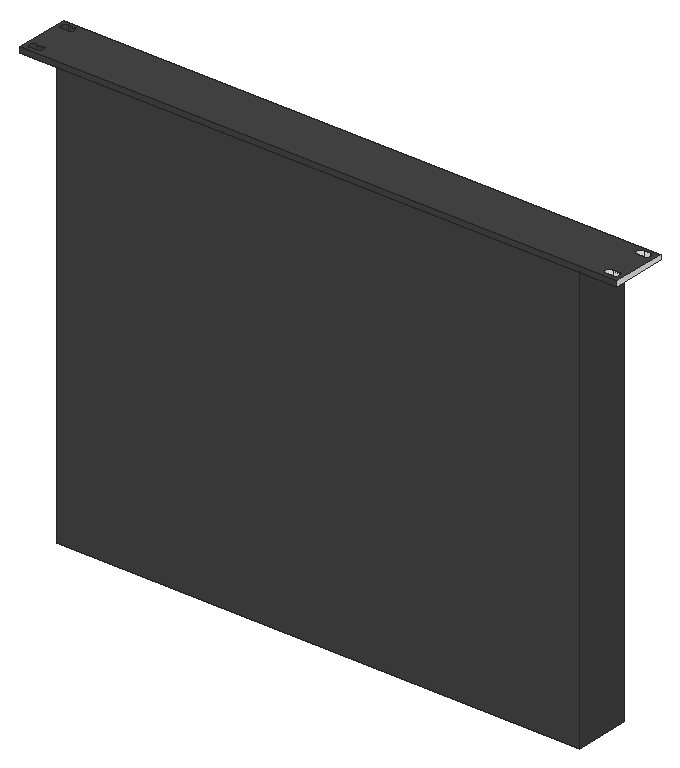
Revit family "Digital_Media-Honeywell-Universal_Interface_Module-583331-21", category Electrical Equipment, host Face, Revit 2017
Family settings
  Host = Face
  Round Connector Dimension = Use Diameter
  Part Type = Equipment Switch
  OmniClass Number = 23.85.50.00
  OmniClass Title = Communication Systems
  Cut with Voids When Loaded = No
  Shared = No
  Room Calculation Point = No
Parameters (values of type "Universal Interface Module UIM - 583331.21")
  Width = 483 mm  # constant formula
  Weight = 3.59999 kgf  # constant formula
  Watts = 24 W
  Wattage = "24 W"  # constant formula
  Voltage = "36 V"
  Version = "2017 - v1.0a"  # constant formula
  Utility = no
  Power Factor = 1
  Outputs = "36 V DC/50 mA"  # constant formula
  Number of Poles = 1
  Manufacturer Phone Number = "02131/40615-600"  # constant formula
  Manufacturer Fax Number = "02131/40615-606"  # constant formula
  Manufacturer Email = "mailto:info@esser-systems.com"
  Manufacturer Address = "Dieselstr. 2 41469 Neuss Germany"  # constant formula
  Load Sub-Classification = no
  Inputs = "max. 36 V DC"  # constant formula
  Frequency = 47 Hz
  Finish = Metal - Honeywell - Stainless Steel - Black
  URL = "www.esser-systems.com"
  Support Phone = "(224) 699-9545"  # constant formula
  Support Email = "mailto:support@anguleris.com"
  Product Page URL = "https://www.esser-systems.com/en/products/details/variodyn-d1/universal-interface-module/58333121-universal-interface-module-uim/"
  Product Name = "UIM"  # constant formula
  Product Documentation Link = "https://www.esser-systems.com/en/products/details/variodyn-d1/universal-interface-module/58333121-universal-interface-module-uim/download/productdatasheet/3000393"
  Model = "583331.21"  # constant formula
  Material = ""
  Manufacturer = "Honeywell International"  # constant formula
  Keynote = ""
  Height = 44 mm  # constant formula
  Description = "Universal Interface Module UIM"  # constant formula
  Depth = 345 mm  # constant formula
  Default Elevation = 1219.2 mm
  Copyright = "© Copyright 2005-2019 Honeywell International Inc. All rights reserved."  # constant formula
  Assembly Code = ""
  Apparent Load = 0 VA
  Ambient Temperature = "-5 °C ... 55 °C"  # constant formula
  Air Humidity = "15 ... 90 % "  # constant formula
Reference planes
  plane 1 "Center (Front/Back)": y = 317.025
  plane 2: z = 0
  plane 3 "Center (Left/Right)": x = 0
  plane 4: y = -880.175
  plane 5: x = -241.5
  plane 6: x = 241.5
  plane 7: y = 339.025
  plane 8: y = 295.025
  plane 9 "Back": z = -345
  plane 10: z = 10.875
  plane 11: x = -158.75
Forms (mm)
  Extrusion 1, void
    sketch origin (0, 0, 0) x (1, 0, 0) y (0, 1, 0)
      loop
        line (-241.5, 339.025) -> (-241.5, 295.025) -> (241.5, 295.025) -> (241.5, 339.025) -> (-241.5, 339.025)
    from -345 to 10.875
  Extrusion 2, solid, material "Metal - Honeywell - Stainless Steel - Black" <- "Finish"
    sketch origin (0, 0, 0) x (1, 0, 0) y (0, 1, 0)
      loop
        line (241.5, 295.025) -> (241.5, 339.025) -> (-241.5, 339.025) -> (-241.5, 295.025) -> (241.5, 295.025)
      loop
        arc (-235.25, 336.051) -> (-238.398, 332.904) -> (-235.25, 329.756) r 3.148
        line (-235.25, 329.756) -> (-230.408, 329.756)
        arc (-230.408, 329.756) -> (-227.26, 332.904) -> (-230.408, 336.051) r 3.148
        line (-230.408, 336.051) -> (-235.25, 336.051)
      loop
        line (-235.25, 297.999) -> (-230.408, 297.999)
        arc (-230.408, 297.999) -> (-227.26, 301.147) -> (-230.408, 304.295) r 3.148
        line (-230.408, 304.295) -> (-235.25, 304.295)
        arc (-235.25, 304.295) -> (-238.398, 301.147) -> (-235.25, 297.999) r 3.148
      loop
        line (235.25, 336.051) -> (230.408, 336.051)
        arc (230.408, 336.051) -> (227.26, 332.904) -> (230.408, 329.756) r 3.148
        line (230.408, 329.756) -> (235.25, 329.756)
        arc (235.25, 329.756) -> (238.398, 332.904) -> (235.25, 336.051) r 3.148
      loop
        arc (235.25, 297.999) -> (238.398, 301.147) -> (235.25, 304.295) r 3.148
        line (235.25, 304.295) -> (230.408, 304.295)
        arc (230.408, 304.295) -> (227.26, 301.147) -> (230.408, 297.999) r 3.148
        line (230.408, 297.999) -> (235.25, 297.999)
    from 0 to 4
  Extrusion 3, solid, material "Metal - Honeywell - Stainless Steel - Black"
    sketch origin (0, 0, 0) x (1, 0, 0) y (0, 1, 0)
      loop
        line (-211.379, 339.025) -> (-211.379, 295.025) -> (211.5, 295.025) -> (211.5, 339.025) -> (-211.379, 339.025)
    from 0 to -345
Lines and regions (mm)
  Masking region 1
    outline origin (0, 317.025, 0) x (1, 0, 0) y (0, 0, 1)
      loop
        line (-241.5, -345) -> (241.5, -345) -> (241.5, 4) -> (-241.5, 4) -> (-241.5, -345)
  Split face 1
    outline origin (0, 0, 4) x (1, 0, 0) y (0, 1, 0)
      loop
        line (178.589, 339.025) -> (178.589, 295.025)
  Split face 2
    outline origin (0.854, -20.165, 4) x (1, 0, 0) y (0, 1, 0)
      loop
        line (152.854, 336.914) -> (152.854, 333.098) -> (163.945, 333.098)
        arc (163.945, 333.098) -> (164.972, 330.653) -> (163.945, 328.209) r 3.423
        line (163.945, 328.209) -> (152.854, 328.209) -> (152.854, 324.35) -> (163.953, 324.35)
        arc (163.953, 324.35) -> (167.695, 330.632) -> (163.953, 336.914) r 7.144
        line (163.953, 336.914) -> (152.854, 336.914)
  Split face 3
    outline origin (-241.5, 339.025, 0) x (1, 0, 0) y (0, 0, -1)
      loop
        line (420.212, -4) -> (420.212, 0)
  Split face 4
    outline origin (241.5, 295.025, 0) x (-1, 0, 0) y (0, 0, -1)
      loop
        line (62.911, -4) -> (62.911, 0)
  Split face 5
    outline origin (0, 0, 4) x (1, 0, 0) y (0, 1, 0)
      loop
        line (108.173, 325.217) -> (108.173, 322.404) -> (133.596, 322.404) -> (133.596, 325.217) -> (108.173, 325.217)
  Split face 6
    outline origin (0, 0, 4) x (1, 0, 0) y (0, 1, 0)
      loop
        line (79.545, 325.217) -> (79.545, 322.404) -> (105.242, 322.404) -> (105.242, 325.217) -> (79.545, 325.217)
  Split face 7
    outline origin (-287.171, 6.234, 4) x (1, 0, 0) y (0, 1, 0)
      loop
        line (79.545, 319.257) -> (79.545, 316.228) -> (105.242, 316.228) -> (105.242, 319.257) -> (79.545, 319.257)
  Split face 8
    outline origin (0, 0, 4) x (1, 0, 0) y (0, 1, 0)
      loop
        line (153.708, 321.381) -> (153.708, 318.5) -> (168.708, 318.5) -> (168.708, 321.381) -> (153.708, 321.381)
  Split face 9
    outline origin (0, 0, 4) x (1, 0, 0) y (0, 1, 0)
      loop
        line (168.708, 336.051) -> (153.889, 336.051) -> (153.889, 333.068) -> (164.279, 329.286) -> (153.889, 325.504) -> (153.889, 322.521) -> (168.708, 322.521) -> (168.708, 324.958) -> (159.443, 324.958) -> (167.557, 327.439) -> (167.557, 329.286) -> (167.557, 331.133) -> (159.443, 333.614) -> (168.708, 333.614) -> (168.708, 336.051)
Dimensions and locks
  "Default Elevation": plane 4 to plane 7
  plane 10 to Masking region 1 = 6.875 mm
  "Depth": level to plane 9 "Back"
  "Height": plane 8 to plane 7
  equal spacing: plane 5, plane 3 "Center (Left/Right)", plane 6
  "Width": plane 5 to plane 6
  equal spacing: plane 8, plane 1 "Center (Front/Back)", plane 7
  locked: plane 10 to level at 10.875
  locked: plane 5 to Extrusion 3 sketch curve at 30.121
  locked: Extrusion 3 sketch curve to plane 6 at 30
  locked: Extrusion 2 to level at 4
  Extrusion 2 sketch curve to Extrusion 2 sketch curve to Extrusion 2 sketch curve to Extrusion 2 sketch curve to plane 3 "Center (Left/Right)" to Extrusion 2 sketch curve to Extrusion 2 sketch curve to Extrusion 2 sketch curve to Extrusion 2 sketch curve = 0 mm locked, 11.139 mm locked, 0 mm locked, 227.26 mm locked, 227.26 mm, 0 mm locked, 11.139 mm locked, 0 mm locked
  Extrusion 2 sketch curve to Extrusion 2 sketch curve to Extrusion 2 sketch curve to Extrusion 2 sketch curve to plane 1 "Center (Front/Back)" to Extrusion 2 sketch curve to Extrusion 2 sketch curve to Extrusion 2 sketch curve to Extrusion 2 sketch curve = 0 mm locked, 6.296 mm locked, 0 mm locked, 12.73 mm, 12.73 mm, 0 mm locked, 6.296 mm locked, 0 mm locked
  aligned and locked: plane 2 to host face
  aligned and locked: Masking region 1 sketch curve to plane 9 "Back"
  aligned and locked: plane 7 to Extrusion 1 sketch curve
  aligned and locked: Extrusion 1 sketch curve to plane 6
  aligned and locked: plane 5 to Extrusion 1 sketch curve
  aligned and locked: Masking region 1 to plane 6
  aligned and locked: Masking region 1 to plane 5
  aligned and locked: Extrusion 1 to plane 9 "Back"
  aligned and locked: plane 10 to Extrusion 1
  aligned and locked: plane 7 to Extrusion 3 sketch curve
  aligned and locked: Extrusion 3 sketch curve to plane 8
  aligned and locked: Extrusion 3 to plane 9 "Back"
  aligned and locked: level to Extrusion 3
  aligned and locked: Masking region 1 to Extrusion 2
Automatic sketch dimensions
  host sketch curve to host sketch curve = 2438.4 mm  (x2)
  Masking region 1 sketch curve to plane 10 = 6.875 mm
  plane 8 to Extrusion 1 sketch curve = 0 mm
  Masking region 1 sketch curve to plane 11 = 82.75 mm
  Masking region 1 sketch curve to plane 6 = 0 mm
  Extrusion 2 to Split face 1 sketch curve = 0 mm
  Split face 1 sketch curve to Extrusion 2 = 0 mm
  Split face 3 sketch curve to Extrusion 2 = 0 mm  (x2)
  Split face 3 sketch curve to Extrusion 2 = 62.788 mm
  Split face 4 sketch curve to Extrusion 2 = 0 mm  (x2)
  Split face 4 sketch curve to Extrusion 2 = 62.911 mm
  Split face 1 sketch curve to Extrusion 2 = 62.911 mm
  Extrusion 2 to Split face 2 sketch curve = 19.302 mm
  Split face 2 sketch curve to Extrusion 2 = 87.792 mm
  Split face 2 sketch curve to Extrusion 2 = 19.288 mm
  Split face 2 sketch curve to Split face 2 sketch curve = 7.697 mm
  Split face 2 sketch curve to Split face 2 sketch curve = 0.998 mm
  Split face 2 sketch curve to Extrusion 2 = 21.711 mm
  Split face 2 sketch curve to Split face 2 sketch curve = 2.397 mm  (x2)
  Split face 2 sketch curve to Split face 2 sketch curve = 0.008 mm  (x2)
  Split face 2 sketch curve to Extrusion 2 = 19.267 mm
  Split face 2 sketch curve to Split face 2 sketch curve = 0 mm
  Extrusion 2 sketch curve to plane 5 = 0 mm
  Extrusion 2 sketch curve to plane 6 = 0 mm
  Extrusion 2 sketch curve to plane 8 = 0 mm
  Extrusion 2 sketch curve to plane 7 = 0 mm
  Split face 5 sketch curve to Extrusion 2 = 7.352 mm
  Split face 5 sketch curve to Extrusion 2 = 133.327 mm
  Split face 5 sketch curve to Split face 5 sketch curve = 25.423 mm
  Split face 5 sketch curve to Split face 5 sketch curve = 2.813 mm
  Split face 6 sketch curve to Extrusion 2 = 7.352 mm
  Split face 6 sketch curve to Extrusion 2 = 161.955 mm
  Split face 6 sketch curve to Split face 6 sketch curve = 25.697 mm
  Split face 6 sketch curve to Split face 6 sketch curve = 2.813 mm
  Split face 7 sketch curve to Extrusion 2 = 18.167 mm
  Split face 7 sketch curve to Extrusion 2 = 449.127 mm
  Split face 7 sketch curve to Split face 7 sketch curve = 25.697 mm
  Split face 7 sketch curve to Split face 7 sketch curve = 3.029 mm
  Split face 8 sketch curve to Extrusion 2 = 11.256 mm
  Split face 8 sketch curve to Extrusion 2 = 87.792 mm
  Split face 8 sketch curve to Split face 8 sketch curve = 15 mm
  Split face 8 sketch curve to Split face 8 sketch curve = 2.881 mm
  Extrusion 2 to Split face 9 sketch curve = 0 mm
  Extrusion 2 to Split face 9 sketch curve = 2.984 mm
  Split face 9 sketch curve to Extrusion 2 = 87.611 mm
  Split face 9 sketch curve to Split face 9 sketch curve = 0 mm
  Split face 9 sketch curve to Split face 9 sketch curve = 5.554 mm  (x2)
  Extrusion 2 to Split face 9 sketch curve = 2.438 mm
  Split face 9 sketch curve to Extrusion 2 = 0.469 mm  (x2)
  Split face 9 sketch curve to Split face 9 sketch curve = 4.836 mm
  Extrusion 2 to Split face 9 sketch curve = 1.378 mm
  Split face 9 sketch curve to Split face 9 sketch curve = 3.278 mm
  Split face 9 sketch curve to Split face 9 sketch curve = 1.151 mm  (x2)
  Split face 9 sketch curve to Split face 9 sketch curve = 1.847 mm
  Split face 9 sketch curve to Extrusion 2 = 4.251 mm
  Split face 9 sketch curve to Split face 9 sketch curve = 2.481 mm
  Split face 9 sketch curve to Split face 9 sketch curve = 2.438 mm
Connectors
  electrical at (200, 320, -345), driven by "Power Factor", driven by "Number of Poles", driven by "Apparent Load"
    settings: index 1, voltage 36 V, apparent load 0 VA, apparent load phase1 0 VA, apparent load phase2 0 VA, apparent load phase3 0 VA, power factor 1, load classification "Other", number of poles 1, system type 31, power factor state 1, is connector primary yes, connector utility no, sub classification motor no, connector description "Electrical Connector"
